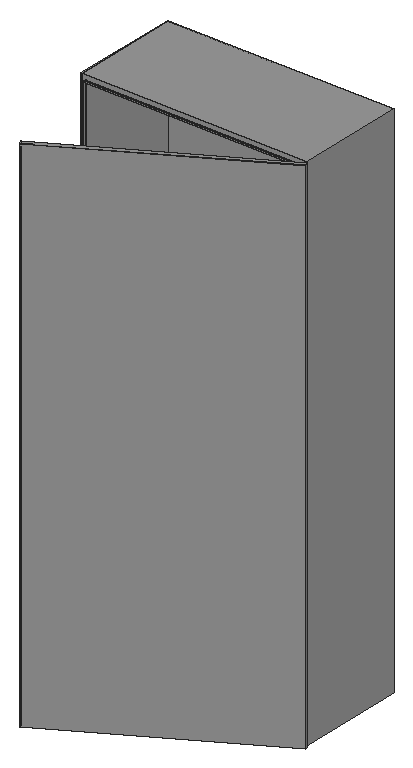
Revit family "Hager-Univers-IP41-D400-H1850-Cl.I-Steel_encl-NoHosted-PL-pl", category Electrical Equipment, Revit 2020
Family settings
  Panel Configuration = Two Columns, Circuits Across
  Round Connector Dimension = Use Diameter
  Part Type = Panelboard
  Work Plane-Based = Yes
  Always vertical = Yes
  Cut with Voids When Loaded = No
  Shared = No
  Room Calculation Point = No
Parameters (values of type "Montaż natynkowy IP41 S800 W1850 G400  - FS23G")
  Width Control [instance] = if([EF000008 - Szerokość] > Min Width, [EF000008 - Szerokość], Min Width)  # 800 mm
  Type Comments = [HG000003 - Zakres]  # "Univers"
  Thickness Door [instance] = if([EF009171 - Drzwi/pokrywa z materiału o wysokiej wytrzymałości mechanicznej] > 3 mm, 3 mm, [EF009171 - Drzwi/pokrywa z materiału o wysokiej wytrzymałości mechanicznej])  # 1.5 mm
  Seal Frame Offset [instance] = 17 mm  # constant formula
  Plinth Visibility [instance] = [HG000027 - Wysokość cokołu] > 0 mm  # no
  Min Width [instance] = 100 mm  # constant formula
  Min Depth [instance] = (2 * [EF009170 - Obudowa z materiału o wysokiej wytrzymałości mechanicznej]) + 1 mm  # 4 mm
  Min Height [instance] = 100 mm  # constant formula
  Internal Frame Depth [instance] = (Door System Depth * 0.5)  # 9 mm
  Panel Name [instance] = ""  # (empty or 0)
  Model = ""
  HG000027 - Wysokość cokołu = 0 mm
  HG000026 - Stojąca = no
  HG000024 - Wysokość części dolnej = 600 mm
  HG000023 - Obudowa dwusekcyjna = no
  HG000016 - Widoczność drzwi w widoku 3D [instance] = yes
  HG000015 - Przestrzeń robocza - otwarcie drzwi [instance] = no
  HG000014 - Drzwi prawe [instance] = yes
  HG000013 - Drzwi lewe [instance] = not([HG000014 - Drzwi prawe])  # no
  HG000012 - Kąt otwarcia drzwi [instance] = 30.00°
  HG000010 - Drzwi asymetryczne = no
  HG000009 - Drzwi dwuskrzydłowe = no
  HG000006 - Montaż podtynkowy = no
  HG000004 - Referencja producenta = "FS23G"
  HG000003 - Zakres = "Univers"
  HG000002 - Z drzwiami lub pokrywą = yes
  Frame Offset Bottom [instance] = 10 mm  # constant formula
  Frame Offset [instance] = 15 mm  # constant formula
  EF015940 - Pokrywa z wyzwalaczem nadciśnieniowym = no
  EF011959 - Stopień ochrony (NEMA) = ""
  EF009554 - Liczba otworów pod flansze = 6
  EF009212 - Wykonanie pokrywy = "EV000116 - Zamknięty"
  EF009171 - Drzwi/pokrywa z materiału o wysokiej wytrzymałości mechanicznej = 1.5 mm
  EF009170 - Obudowa z materiału o wysokiej wytrzymałości mechanicznej = 1.5 mm
  EF008873 - Prąd znamionowy (In) = 800 A
  EF007800 - Do ochrony odgromowej = no
  EF006306 - Z zamkiem = no
  EF006244 - Transparentna pokrywa/drzwi = no
  EF005474 - Stopień ochrony (IP) = "EV006416 - IP41"
  EF004464 - Rodzaj drzwi = "EV002646 - Pojedynczy"
  EF004427 - Liczba modułów = 432
  EF004293 - Odporność udarowa = "EV006813 - IK07"
  EF003532 - Do zastosowań zewnętrznych = no
  EF002950 - Szerokość wyrażona liczbą modułów = 24
  EF001613 - Podtrzymanie funkcji = "EV000494 - Brak"
  EF001596 - Materiał obudowy = "EV000179 - Stal"
  EF001131 - Głębokość wewnętrzna = 400 mm
  EF001088 - Możliwość rozbudowy = yes
  EF000437 - Liczba wejść kablowych = 6
  EF000339 - Rodzaj pokrywy = "EV004216 - Drzwi"
  EF000266 - Liczba rzędów = 12
  EF000218 - Głębokość wbudowania = 0 mm
  EF000118 - Z płytą montażową = no
  EF000116 - Numer RAL = "7035"
  EF000049 - Głębokość = 400 mm
  EF000040 - Wysokość = 1850 mm
  EF000008 - Szerokość = 800 mm
  EF000007 - Kolor = "EV000270 - Szary"
  EF000003 - Sposób montażu = "EV000384 - Montaż natynkowy"
  Door System Leaf Tolerance [instance] = 1.5 mm  # constant formula
  Door System Depth [instance] = 18 mm  # constant formula
  Door Height [instance] = Height Control - [HG000027 - Wysokość cokołu]  # 1850 mm
  Description = ""
  Default Elevation = 1219.2 mm
  Connector Offset [instance] = Height Control / 2  # 925 mm
  Manufacturer = "Hager"  # constant formula
  Height Control [instance] = if([EF000040 - Wysokość] > Min Height, [EF000040 - Wysokość], Min Height)  # 1850 mm
  Depth Control [instance] = if([EF000049 - Głębokość] > Min Depth, [EF000049 - Głębokość], Min Depth)  # 400 mm
  Bottom Top Plate Trim [instance] = 1.5 mm  # constant formula
  Plinth height Ctrl [instance] = if([HG000027 - Wysokość cokołu] > 0 mm, [HG000027 - Wysokość cokołu], 12 mm)  # 12 mm
Types (5, lengths in mm): name | Width Control | HG000009 - Drzwi dwuskrzydłowe | HG000004 - Referencja producenta | EF009554 - Liczba otworów pod flansze | EF004464 - Rodzaj drzwi | EF004427 - Liczba modułów | EF000437 - Liczba wejść kablowych | EF000008 - Szerokość
  Montaż natynkowy IP41 S1050 W1850 G400  - FS24G | 1050 | yes | "FS24G" | 8 | "EV003602 - Podwójny" | 576 | 8 | 1050
  Montaż natynkowy IP41 S1300 W1850 G400  - FS25G | 1300 | yes | "FS25G" | 10 | "EV003602 - Podwójny" | 720 | 10 | 1300
  Montaż natynkowy IP41 S300 W1850 G400  - FS21G | 300 | no | "FS21G" | 2 | "EV002646 - Pojedynczy" | 144 | 2 | 300
  Montaż natynkowy IP41 S550 W1850 G400  - FS22G | 550 | no | "FS22G" | 4 | "EV002646 - Pojedynczy" | 288 | 4 | 550
  Montaż natynkowy IP41 S800 W1850 G400  - FS23G | 800 | no | "FS23G" | 6 | "EV002646 - Pojedynczy" | 432 | 6 | 800
Reference planes
  plane 1 "Center (Front/Back)": y = 0
  plane 2: z = 0
  plane 3 "Center (Left/Right)": x = 0
  plane 4: y = 0
  plane 5: y = 0
  plane 6: z = 0
  plane 7: x = -400
  plane 8: x = 400
  plane 9: x = 398.5
  plane 10: x = -398.5
  plane 11: z = 0
  plane 12: z = 1.5
  plane 13: y = -400
  plane 14: y = -1.5
  plane 15: x = 0
  plane 16: y = -382
  plane 17: y = -398.5
  plane 18: y = -380.5
  plane 19: x = -383.5
  plane 20: x = 383.5
  plane 21: z = 11.5
  plane 22: x = -383
  plane 23: x = 383
  plane 24: z = 0
  plane 25: z = 1850
  plane 26: z = 1850
  plane 27: z = 1833.5
  plane 28: z = 1848.5
Forms (mm)
  Extrusion 1, solid, material "Hager_Steel_RAL7035_Light_Grey", detail levels medium+fine
    sketch origin (-208.679, -4572, 0) x (-1, 0, 0) y (0, -1, 0)
      loop
        line (191.321, -4190) -> (-608.679, -4190) -> (-608.679, -4572) -> (191.321, -4572) -> (191.321, -4190)
    from 0 to 1850
  Extrusion 2, void
    sketch origin (-350.771, -400, 1219.2) x (1, 0, 0) y (0, 0, 1)
      loop
        line (-47.729, 629.3) -> (-47.729, -1217.7) -> (749.271, -1217.7) -> (749.271, 629.3) -> (-47.729, 629.3)
    from -19.5 to -398.5
  Extrusion 3, void
    sketch origin (-290.084, -382, 1219.2) x (1, 0, 0) y (0, 0, 1)
      loop
        line (-93.416, -1207.7) -> (673.584, -1207.7) -> (673.584, 614.3) -> (-93.416, 614.3) -> (-93.416, -1207.7)
    from 0 to -1.5
  Extrusion 4, solid, material "Hager_Steel_RAL7035_Light_Grey", visible <- "Plinth Visibility", detail levels medium+fine
    sketch origin (0, 0, 0) x (1, 0, 0) y (0, 1, 0)
      loop
        line (-400, 0) -> (-400, -382) -> (400, -382) -> (400, 0) -> (-400, 0)
    from 0 to 12 <- "Plinth height Ctrl"
  Extrusion 5, solid, material "Hager_Steel_RAL7035_Light_Grey", detail levels coarse
    sketch origin (0, 0, 0) x (1, 0, 0) y (0, 1, 0)
      loop
        line (-400, 0) -> (-400, -400) -> (400, -400) -> (400, 0) -> (-400, 0)
    from 0 to 1850 <- "Height Control"
  Sweep 6, void
    path in 3D
      loop
        line (-400, -382, 12) -> (400, -382, 12) -> (400, 0, 12) -> (-400, 0, 12) -> (-400, -382, 12)
    profile origin (-400, -191, 12) x (1, 0, 0) y (0, 0, 1)
      loop
        line (0, 0) -> (0, -1.5) -> (1.5, -1.5)
        arc (1.5, -1.5) -> (1.061, -0.439) -> (0, 0) r 1.5
  Extrusion 7, solid, material "Hager_Steel_RAL7035_Light_Grey", detail levels fine
    sketch origin (-400, -382, 0) x (1, 0, 0) y (0, 0, 1)
      loop
        line (16.5, 11.5) -> (783.5, 11.5) -> (783.5, 1833.5) -> (16.5, 1833.5) -> (16.5, 11.5)
      loop
        line (15, 10) -> (785, 10) -> (785, 1835) -> (15, 1835) -> (15, 10)
    from 0 to 9 <- "Internal Frame Depth"
Cuts and joins
  Extrusion 2, Extrusion 3 cuts Extrusion 1
  Sweep 6 cuts Extrusion 4
Lines and regions (mm)
  Masking region 1
    outline origin (0, 0, 0) x (1, 0, 0) y (0, 1, 0)
      loop
        line (-400, 0) -> (-400, -400) -> (400, -400) -> (400, 0) -> (-400, 0)
  Masking region 2, detail levels coarse
    outline origin (-290.084, -382, 1219.2) x (-1, 0, 0) y (0, 0, 1)
      loop
        line (-690.084, -1219.2) -> (109.916, -1219.2) -> (109.916, 630.8) -> (-690.084, 630.8) -> (-690.084, -1219.2)
  Masking region 3, detail levels coarse
    outline origin (0, 0, 0) x (0, 1, 0) y (0, 0, 1)
      loop
        line (0, 0) -> (0, 1850) -> (-400, 1850) -> (-400, 0) -> (0, 0)
  Masking region 4, visible <- "Plinth Visibility", detail levels medium+fine
    outline origin (0, 0, 0) x (0, 1, 0) y (0, 0, 1)
      loop
        line (-1.5, 12) -> (-380.5, 12)
        arc (-380.5, 12) -> (-380.939, 10.939) -> (-382, 10.5) r 1.5
        line (-382, 10.5) -> (-382, 0) -> (0, 0) -> (0, 10.5)
        arc (0, 10.5) -> (-1.061, 10.939) -> (-1.5, 12) r 1.5
  Masking region 5, detail levels medium+fine
    outline origin (0, 0, 594.038) x (0, 1, 0) y (0, 0, 1)
      loop
        line (0, -594.038) -> (0, 1255.962) -> (-382, 1255.962) -> (-382, -594.038) -> (0, -594.038)
  Masking region 6, detail levels medium+fine
    outline origin (-359.7, -382, 1211.883) x (-1, 0, 0) y (0, 0, 1)
      loop
        line (-759.7, -1211.883) -> (40.3, -1211.883) -> (40.3, 638.117) -> (-759.7, 638.117) -> (-759.7, -1211.883)
  Masking region 7, visible <- "Plinth Visibility", detail levels medium+fine
    outline origin (-320.334, -382, 1041.368) x (-1, 0, 0) y (0, 0, 1)
      loop
        line (-720.334, -1041.368) -> (79.666, -1041.368) -> (79.666, -1030.868)
        arc (79.666, -1030.868) -> (78.606, -1030.429) -> (78.166, -1029.368) r 1.5
        line (78.166, -1029.368) -> (-718.834, -1029.368)
        arc (-718.834, -1029.368) -> (-719.273, -1030.429) -> (-720.334, -1030.868) r 1.5
        line (-720.334, -1030.868) -> (-720.334, -1041.368)
  sketch lines
    curve 1: line (-400, 0, 12) -> (-400, -382, 12)
    curve 2: line (-400, -382, 12) -> (400, -382, 12)
    curve 3: line (400, 0, 12) -> (-400, 0, 12)
    curve 4: line (400, -382, 12) -> (400, 0, 12)
Dimensions and locks
  locked: plane 1 "Center (Front/Back)" to plane 5
  "EF009170 - Obudowa z materiału o wysokiej wytrzymałości mechanicznej": plane 7 to plane 10
  "EF009170 - Obudowa z materiału o wysokiej wytrzymałości mechanicznej": plane 8 to plane 9
  equal spacing: plane 7, plane 3 "Center (Left/Right)", plane 8
  "Width Control": plane 7 to plane 8
  "Depth Control": plane 4 to plane 13
  "EF009170 - Obudowa z materiału o wysokiej wytrzymałości mechanicznej": plane 4 to plane 14
  "Height Control": plane 25 to level
  "HG000027 - Wysokość cokołu": plane 11 to level
  "EF009170 - Obudowa z materiału o wysokiej wytrzymałości mechanicznej": plane 12 to plane 11
  "EF009170 - Obudowa z materiału o wysokiej wytrzymałości mechanicznej": plane 17 to plane 13
  "EF009170 - Obudowa z materiału o wysokiej wytrzymałości mechanicznej": plane 18 to plane 16
  "Frame Offset Bottom": plane 21 to plane 12
  "Frame Offset": plane 10 to plane 19
  "Frame Offset": plane 9 to plane 20
  "Door System Depth": plane 16 to plane 13
  "Seal Frame Offset": plane 7 to plane 22
  "Seal Frame Offset": plane 8 to plane 23
  "EF009170 - Obudowa z materiału o wysokiej wytrzymałości mechanicznej": plane 26 to plane 28
  "Frame Offset": plane 28 to plane 27
  "Connector Offset": plane 2 to connector elem
  "Bottom Top Plate Trim": profile plane to Sweep 6 sketch curve
  "Bottom Top Plate Trim": Sweep 6 sketch curve to Sweep 6 sketch curve
  "Plinth height Ctrl": Masking region 4 sketch curve to level
  "Plinth height Ctrl": Masking region 7 sketch curve to level
  "Thickness Door": Extrusion 7 sketch curve to Extrusion 7 sketch curve  (x4)
  "Bottom Top Plate Trim": radius of Sweep 6 sketch curve
  "Bottom Top Plate Trim": radius of Masking region 4 sketch curve  (x2)
  "Bottom Top Plate Trim": radius of Masking region 7 sketch curve  (x2)
  aligned and locked: Extrusion 2 sketch curve to plane 12
  aligned and locked: Extrusion 2 sketch curve to plane 9
  aligned and locked: Extrusion 2 sketch curve to plane 10
  aligned and locked: Extrusion 2 to plane 14
  aligned and locked: Extrusion 1 sketch curve to plane 4
  aligned and locked: plane 8 to Extrusion 1 sketch curve
  aligned and locked: plane 7 to Extrusion 1 sketch curve
  aligned and locked: Extrusion 2 to plane 18
  aligned and locked: Extrusion 3 sketch curve to plane 19
  aligned and locked: plane 20 to Extrusion 3 sketch curve
  aligned and locked: Extrusion 3 to Extrusion 2
  aligned and locked: Extrusion 3 sketch curve to plane 21
  aligned and locked: plane 3 "Center (Left/Right)" to nested 1
  aligned and locked: Extrusion 1 sketch curve to plane 16
  aligned and locked: Extrusion 4 sketch curve to cut or joined group of Extrusion 1, Extrusion 2, Extrusion 3
  aligned and locked: Masking region 1 sketch curve to plane 7
  aligned and locked: Masking region 1 sketch curve to plane 5
  aligned and locked: Masking region 1 sketch curve to plane 8
  aligned and locked: Masking region 2 sketch curve to level
  aligned and locked: level to Masking region 3 sketch curve
  aligned and locked: plane 1 "Center (Front/Back)" to Masking region 3 sketch curve
  aligned and locked: plane 13 to Masking region 3 sketch curve
  aligned and locked: plane 5 to Masking region 4 sketch curve
  aligned and locked: Masking region 2 sketch curve to plane 8
  aligned and locked: Masking region 2 sketch curve to plane 7
  aligned and locked: plane 7 to nested 2
  aligned and locked: nested 2 to plane 5
  aligned and locked: plane 5 to Masking region 5 sketch curve
  aligned and locked: plane 26 to Masking region 5 sketch curve
  aligned and locked: Extrusion 5 sketch curve to plane 8
  aligned and locked: Extrusion 5 sketch curve to plane 7
  aligned and locked: Extrusion 5 sketch curve to plane 5
  aligned and locked: Extrusion 3 sketch curve to plane 27
  aligned and locked: Extrusion 2 sketch curve to plane 28
  aligned and locked: Masking region 2 to plane 25
  aligned and locked: Extrusion 4 to plane 16
  aligned and locked: profile plane to Sweep 6 sketch curve
  aligned and locked: Masking region 5 sketch curve to plane 24
  aligned and locked: level to Masking region 4 sketch curve
  aligned and locked: Masking region 1 to plane 13
  aligned and locked: nested 1 to plane 16
  aligned and locked: Masking region 3 to plane 25
  aligned and locked: plane 16 to Masking region 4 sketch curve
  aligned and locked: Masking region 5 sketch curve to plane 16
  aligned and locked: plane 24 to plane 11
  aligned and locked: plane 26 to plane 25
  aligned and locked: plane 26 to cut or joined group of Extrusion 1, Extrusion 2, Extrusion 3
  aligned and locked: nested 1 to plane 24
  aligned and locked: Extrusion 1 to Extrusion 3
  aligned and locked: Masking region 6 sketch curve to plane 8
  aligned and locked: Masking region 6 sketch curve to plane 24
  aligned and locked: Masking region 6 sketch curve to plane 7
  aligned and locked: Masking region 6 sketch curve to plane 26
  aligned and locked: Masking region 7 sketch curve to plane 7
  aligned and locked: level to Masking region 7 sketch curve
  aligned and locked: Masking region 7 sketch curve to plane 8
  aligned and locked: Extrusion 7 sketch curve to cut or joined group of Extrusion 1, Extrusion 2, Extrusion 3  (x4)
Automatic sketch dimensions
  plane 19 to Extrusion 3 sketch curve = 0 mm
  Extrusion 3 sketch curve to plane 20 = 0 mm
  Extrusion 3 sketch curve to plane 21 = 0 mm
  Extrusion 4 sketch curve to plane 7 = 0 mm
  Extrusion 4 sketch curve to plane 8 = 0 mm
  Extrusion 4 sketch curve to plane 16 = 0 mm
  Masking region 1 sketch curve to plane 13 = 0 mm
  Masking region 2 sketch curve to plane 25 = 0 mm
  Masking region 3 sketch curve to plane 25 = 0 mm
  Extrusion 5 sketch curve to plane 13 = 0 mm
  profile plane to Sweep 6 sketch curve = 0 mm
Nested families
  nested 1: "EC000058_Univers_Door" at (0, -382, 0), Double <- "HG000009 - Drzwi dwuskrzydłowe", Transparent <- "EF006244 - Transparentna pokrywa/drzwi", Angle <- "HG000012 - Kąt otwarcia drzwi", Door_Right <- "HG000014 - Drzwi prawe", Assymetrical <- "HG000010 - Drzwi asymetryczne", Door <- "HG000002 - Z drzwiami lub pokrywą", Width_Ctrl <- "Width Control", 3d_Door <- "HG000016 - Widoczność drzwi w widoku 3D", Clearance <- "HG000015 - Przestrzeń robocza - otwarcie drzwi", Door_Left <- "HG000013 - Drzwi lewe", Width <- "Width Control", Door_Depth <- "Door System Depth", Leaf_Tolerance <- "Door System Leaf Tolerance", Height <- "Door Height", Lock_Visibility <- "EF006306 - Z zamkiem", Thickness <- "Thickness Door", type "EC000058_Univers_Door", detail levels medium+fine
    with min_wh 4 mm, Width_Ctrl 800 mm, Width 800 mm, Transparent no, Thickness 1.5 mm, Seal_Material Hager_Rubber, Lock_Visibility no, Lock_Material Hager_Plastic_RAL9005_Jet_Black, Leaf_Width 800 mm, Leaf_Tolerance_External_Sides 0 mm, Leaf_Tolerance 1.5 mm, Leaf_Offset 0 mm, Leaf_Height 1847 mm, Leaf_2_Width 800 mm, Leaf_2_Offset 400 mm, Leaf_1_Width 800 mm, Leaf_1_Offset 400 mm, Height_Ctrl 1850 mm, Height 1850 mm, Glass_Material Hager_Glass, Double_Clearance_Ctrl no, Double no, Door_Right_Ctrl yes, Door_Right yes, Door_Material Hager_Steel_RAL7035_Light_Grey, Door_Left_Ctrl no, Door_Left no, Door_Depth 18 mm, Door yes, Clearance_Material Hager_Clearance, Clearance_Depth 800 mm, Clearance_Ctrl no, Clearance no, Assymetrical no, Angle 30.00°, 3d_Door yes
  nested 2: "Hager_Enclosure_Symbol" at (-400, 0, 0), Height <- "Depth Control", Width <- "Width Control", type "Hager_Enclosure_Symbol"
    with Width_Ctrl 800 mm, Width 800 mm, Height_Ctrl 400 mm, Height 400 mm, A_Width_Int 26.25 mm, A_Width 315 mm, A_Height_Ctrl 350 mm, A_Height 350 mm
Connectors
  electrical at (0, 0, 925)
    settings: on plane 1 "Center (Front/Back)", index 1, voltage 0 V, apparent load 0 VA, apparent load phase1 0 VA, apparent load phase2 0 VA, apparent load phase3 0 VA, power factor 1, load classification "Other", number of poles 1, system type 30, power factor state 1, is connector primary yes, connector utility no, sub classification motor no, connector description ""
Definition of nested family "EC000058_Univers_Door"
  Parameters (values of type "EC000058_Univers_Door")
    min_wh [instance] = (2 * Thickness) + 1 mm  # 11 mm
    Width_Ctrl [instance] = 400 mm
    Width [instance] = 500 mm
    Transparent [instance] = yes
    Thickness [instance] = 5 mm
    Seal_Material [instance] = none
    Lock_Visibility [instance] = yes
    Lock_Material [instance] = none
    Leaf_Width [instance] = if((Width_Ctrl - 2 * Leaf_Tolerance_External_Sides) > 0 mm, (Width_Ctrl - 2 * Leaf_Tolerance_External_Sides), min_wh)  # 400 mm
    Leaf_Tolerance_External_Sides [instance] = 0 mm  # constant formula
    Leaf_Tolerance [instance] = 1.5 mm
    Leaf_Offset [instance] = 0 mm  # constant formula
    Leaf_Height [instance] = if((Height_Ctrl - 2 * Leaf_Tolerance) > 0 mm, (Height_Ctrl - 2 * Leaf_Tolerance), min_wh)  # 497 mm
    Leaf_2_Width [instance] = if(and(and(Double, Assymetrical), Door_Left), (Leaf_Width / 3) - (Leaf_Tolerance / 2), if(and(and(Double, Assymetrical), Door_Right), (Leaf_Width / 3) * 2 - (Leaf_Tolerance / 2), if(and(Double, not(Assymetrical)), (Leaf_Width / 2) - Leaf_Tolerance, Leaf_Width)))  # 400 mm
    Leaf_2_Offset [instance] = if(and(Double, Assymetrical), Leaf_2_Width / 2, if(and(Double, not(Assymetrical)), Leaf_Width / 4, Leaf_Width / 2))  # 200 mm
    Leaf_1_Width [instance] = if(and(and(Double, Assymetrical), Door_Right), (Leaf_Width / 3) - (Leaf_Tolerance / 2), if(and(and(Double, Assymetrical), Door_Left), (Width / 3) * 2 - (Leaf_Tolerance / 2), if(and(Double, not(Assymetrical)), (Leaf_Width / 2) - Leaf_Tolerance, Leaf_Width)))  # 400 mm
    Leaf_1_Offset [instance] = if(and(Double, Assymetrical), Leaf_1_Width / 2, if(and(Double, not(Assymetrical)), Leaf_Width / 4, Leaf_Width / 2))  # 200 mm
    Height_Ctrl [instance] = if(Height > min_wh, Height, min_wh)  # 500 mm
    Height [instance] = 500 mm
    Glass_Material [instance] = none
    Double_Clearance_Ctrl [instance] = and(Double, Clearance)  # no
    Double [instance] = no
    Door_Right_Ctrl [instance] = and(or(Door_Right, Double), Door)  # yes
    Door_Right [instance] = yes
    Door_Material [instance] = none
    Door_Left_Ctrl [instance] = and(or(Door_Left, Double), Door)  # no
    Door_Left [instance] = no
    Door_Depth [instance] = 30 mm
    Door [instance] = yes
    Default Elevation = 1219.2 mm
    Clearance_Material [instance] = none
    Clearance_Depth [instance] = if(Leaf_1_Width > Leaf_2_Width, Leaf_1_Width, Leaf_2_Width)  # 400 mm
    Clearance_Ctrl [instance] = and(not(Double), Clearance)  # yes
    Clearance [instance] = yes
    Assymetrical [instance] = yes
    Angle [instance] = 30.00°
    3d_Door [instance] = yes
  Reference planes
    plane 1 "Center (Front/Back)": y = 0
    plane 2 "Bottom": z = 0
    plane 3 "Center (Left/Right)": x = 0
    plane 4: z = 500
    plane 5: x = -200
    plane 6: x = 200
    plane 7: z = 500
    plane 8: x = -200
    plane 9: z = 0
    plane 10: x = 200
    plane 11: y = 0
    plane 12: z = 1.5
    plane 13: x = -600
    plane 14: y = -400
    plane 15: x = 600
    plane 16: x = 0
    plane 17: x = 0
    plane 18: x = -200
    plane 19: x = 200
    plane 20: z = 498.5
  Forms (mm)
    Extrusion 1, solid, material <- "Clearance_Material", visible <- "Double_Clearance_Ctrl"
      sketch origin (1200, 0, 0) x (1, 0, 0) y (0, 0, -1)
        loop
          line (-1800, -498.5) -> (-600, -498.5) -> (-600, 0) -> (-1800, 0) -> (-1800, -498.5)
      from 0 to -400
  Dimensions and locks
    equal spacing: plane 5, plane 3 "Center (Left/Right)", plane 6
    "Width_Ctrl": plane 5 to plane 6
    "Leaf_Offset": plane 5 to plane 8
    "Leaf_Offset": plane 6 to plane 10
    "Leaf_Offset": plane 9 to level
    "Leaf_Offset": plane 4 to plane 7
    "Height_Ctrl": plane 4 to level
    "Leaf_Tolerance": plane 12 to plane 9
    locked: plane 11 to plane 1 "Center (Front/Back)"
    "Leaf_1_Offset": plane 18 to plane 16
    "Leaf_2_Offset": plane 17 to plane 19
    "Leaf_1_Width": plane 13 to plane 8
    "Leaf_2_Width": plane 10 to plane 15
    "Clearance_Depth": plane 14 to plane 1 "Center (Front/Back)"
    "Leaf_Tolerance_External_Sides": plane 8 to plane 18
    "Leaf_Tolerance_External_Sides": plane 19 to plane 10
    "Leaf_Tolerance": plane 7 to plane 20
    aligned and locked: level to plane 2 "Bottom"
    aligned and locked: nested 1 to plane 16
    aligned and locked: nested 2 to plane 17
    aligned and locked: Extrusion 1 to plane 13
    aligned and locked: plane 15 to Extrusion 1
    aligned and locked: Extrusion 1 to plane 14
    aligned and locked: plane 12 to nested 1
    aligned and locked: nested 2 to plane 12
    aligned and locked: Extrusion 1 to plane 11
    aligned and locked: plane 20 to Extrusion 1
    aligned and locked: nested 2 to plane 11
    aligned and locked: nested 1 to plane 11
  Automatic sketch dimensions
    Extrusion 1 sketch curve to level = 0 mm
    plane 5 to Extrusion 1 sketch curve = 400 mm
    plane 6 to Extrusion 1 sketch curve = 400 mm
    Extrusion 1 sketch curve to plane 4 = 1.5 mm
  Nested families
    nested 1: "EC000058_Univers_Door_Leaf" at (0, 0, 1.5), Width <- "Leaf_1_Width", visible <- "Door_Left_Ctrl", Leaf_Height <- "Leaf_Height", Angle <- "Angle", 3d_Door <- "3d_Door", Transparent <- "Transparent", Clearance Material <- "Clearance_Material", Clearance <- "Clearance_Ctrl", Door_Material <- "Door_Material", Glass_Material <- "Glass_Material", Door_Depth <- "Door_Depth", Lock_Material <- "Lock_Material", Seal_Material <- "Seal_Material", Lock_Visibility <- "Lock_Visibility", Thickness <- "Thickness", type "EC000058_Univers_Door_Leaf"
      with Width 400 mm, Transparent_Glass_Offset 30 mm, Transparent_Ctrl yes, Transparent yes, Thickness 5 mm, Standard no, Seal_Material none, Seal_D2 8 mm, Seal_D1 1 mm, Offset_Internal_Frame 10 mm, Lock_Width 20 mm, Lock_Visibility_3d yes, Lock_Visibility yes, Lock_Thickness_3 3 mm, Lock_Thickness_2 1 mm, Lock_Thickness_1 3 mm, Lock_Radius_Offset_2 16 mm, Lock_Radius_Offset_1 15 mm, Lock_Radius_2 5 mm, Lock_Radius 6 mm, Lock_Offset 5 mm, Lock_Material none, Lock_Height 80 mm, Lock_Cover_Top_Offset_2d 17 mm, Lock_Cover_Height -65 mm, Leaf_Height 497 mm, Internal_Seal_Thickness 8 mm, Internal_Seal_Depth_2 4.5 mm, Internal_Frame_Depth 25 mm, Glass_Thickness -1 mm, Glass_Offset -2 mm, Glass_Material none, Door_Material none, Door_Depth 30 mm, Clearance Material none, Clearance yes, Angle_Ctrl 30.00°, Angle 30.00°, 3d_Door yes
    nested 2: "EC000058_Univers_Door_Leaf" at (0, 0, 1.5) x (-1, 0, 0) z (0, 0, 1), Width <- "Leaf_2_Width", visible <- "Door_Right_Ctrl", Leaf_Height <- "Leaf_Height", Angle <- "Angle", 3d_Door <- "3d_Door", Transparent <- "Transparent", Clearance Material <- "Clearance_Material", Clearance <- "Clearance_Ctrl", Door_Material <- "Door_Material", Glass_Material <- "Glass_Material", Door_Depth <- "Door_Depth", Lock_Material <- "Lock_Material", Seal_Material <- "Seal_Material", Lock_Visibility <- "Lock_Visibility", Thickness <- "Thickness", type "EC000058_Univers_Door_Leaf"
      with Width 400 mm, Transparent_Glass_Offset 30 mm, Transparent_Ctrl yes, Transparent yes, Thickness 5 mm, Standard no, Seal_Material none, Seal_D2 8 mm, Seal_D1 1 mm, Offset_Internal_Frame 10 mm, Lock_Width 20 mm, Lock_Visibility_3d yes, Lock_Visibility yes, Lock_Thickness_3 3 mm, Lock_Thickness_2 1 mm, Lock_Thickness_1 3 mm, Lock_Radius_Offset_2 16 mm, Lock_Radius_Offset_1 15 mm, Lock_Radius_2 5 mm, Lock_Radius 6 mm, Lock_Offset 5 mm, Lock_Material none, Lock_Height 80 mm, Lock_Cover_Top_Offset_2d 17 mm, Lock_Cover_Height -65 mm, Leaf_Height 497 mm, Internal_Seal_Thickness 8 mm, Internal_Seal_Depth_2 4.5 mm, Internal_Frame_Depth 25 mm, Glass_Thickness -1 mm, Glass_Offset -2 mm, Glass_Material none, Door_Material none, Door_Depth 30 mm, Clearance Material none, Clearance yes, Angle_Ctrl 30.00°, Angle 30.00°, 3d_Door yes
  Definition of nested family "EC000058_Univers_Door_Leaf"
    Parameters (values of type "EC000058_Univers_Door_Leaf")
      Width [instance] = 2000 mm
      Transparent_Glass_Offset [instance] = 30 mm
      Transparent_Ctrl [instance] = and(Transparent, [3d_Door])  # yes
      Transparent [instance] = yes
      Thickness [instance] = 5 mm
      Standard [instance] = and(not(Transparent), [3d_Door])  # no
      Seal_Material [instance] = none
      Seal_D2 [instance] = 8 mm  # constant formula
      Seal_D1 [instance] = 1 mm  # constant formula
      Offset_Internal_Frame [instance] = 10 mm  # constant formula
      Lock_Width [instance] = 20 mm  # constant formula
      Lock_Visibility_3d [instance] = and(Lock_Visibility, [3d_Door])  # yes
      Lock_Visibility [instance] = yes
      Lock_Thickness_3 [instance] = 3 mm  # constant formula
      Lock_Thickness_2 [instance] = 1 mm  # constant formula
      Lock_Thickness_1 [instance] = 3 mm  # constant formula
      Lock_Radius_Offset_2 [instance] = Lock_Radius_Offset_1 + 1 mm  # 16 mm
      Lock_Radius_Offset_1 [instance] = 15 mm  # constant formula
      Lock_Radius_2 [instance] = Lock_Radius - 1 mm  # 5 mm
      Lock_Radius [instance] = 6 mm  # constant formula
      Lock_Offset [instance] = 5 mm  # constant formula
      Lock_Material [instance] = none
      Lock_Height [instance] = 80 mm  # constant formula
      Lock_Cover_Top_Offset_2d [instance] = Lock_Radius_Offset_2 + 1 mm  # 17 mm
      Lock_Cover_Height [instance] = -(Lock_Height - Lock_Radius_Offset_1)  # -65 mm
      Leaf_Height [instance] = 2720.336 mm
      Internal_Seal_Thickness [instance] = 8 mm  # constant formula
      Internal_Seal_Depth_2 [instance] = 4.5 mm  # constant formula
      Internal_Frame_Depth [instance] = if(Door_Depth - Thickness > 5 mm, Door_Depth - Thickness, 5 mm)  # 25 mm
      Glass_Thickness [instance] = if(Thickness > 15 mm, Glass_Offset + 10 mm, -1 mm)  # -1 mm
      Glass_Offset [instance] = if(Thickness > 15 mm, -(Thickness + 10 mm) / 2, -2 mm)  # -2 mm
      Glass_Material [instance] = none
      Door_Material [instance] = none
      Door_Depth [instance] = 30 mm
      Default Elevation = 0 mm
      Clearance Material [instance] = none
      Clearance [instance] = yes
      Angle_Ctrl [instance] = if(Angle > 180.00°, 180.00°, Angle)  # 90.00°
      Angle [instance] = 90.00°
      3d_Door [instance] = yes
    Reference planes
      plane 1 "Center (Front/Back)": y = 0
      plane 2: z = 0
      plane 3 "Center (Left/Right)": x = 0
      plane 4: y = 2000
      plane 5: x = -1000
      plane 6: x = 1000
      plane 7: x = -3000
      plane 8: z = 2720.336
      plane 9: z = 30
      plane 10: z = 2690.336
      plane 11: x = 970
      plane 12: x = -970
      plane 13: y = -3
      plane 14: z = 107.833
      plane 15: y = -5
      plane 16: y = -223.314
      plane 17: x = -1000
      plane 18: z = 1360.168
      plane 19: y = 30
    Forms (mm)
      Extrusion 1, solid, material <- "Clearance Material", visible <- "Clearance"
        sketch origin (0, 0, 0) x (1, 0, 0) y (0, 0, 1)
          loop
            line (-3000, 2720.336) -> (-3000, 0) -> (1000, 0) -> (1000, 2720.336) -> (-3000, 2720.336)
        from 0 to -2000
      Extrusion 2, solid, material <- "Door_Material", visible <- "Standard", detail levels medium+fine
        sketch origin (-1000, 0, 0) x (0, 1, 0) y (-1, 0, 0)
          loop
            line (0, 30) -> (0, 25) -> (2000, 25) -> (2000, 30) -> (0, 30)
        from 0 to 2720.336 <- "Leaf_Height"
      Extrusion 3, solid, material <- "Door_Material", visible <- "Transparent_Ctrl", detail levels medium+fine
        sketch origin (-1000, 0, 0) x (0, 1, 0) y (-1, 0, 0)
          loop
            line (0, 25) -> (2000, 25) -> (2000, 30) -> (0, 30) -> (0, 25)
        from 0 to 2720.336 <- "Leaf_Height"
      Extrusion 4, void
        sketch origin (-1025, 2000, 0) x (0, 1, 0) y (0, 0, -1)
          loop
            line (-30, -2690.336) -> (-30, -30) -> (-1970, -30) -> (-1970, -2690.336) -> (-30, -2690.336)
        from 0 to 5 <- "Thickness"
      Sweep 5, solid, material <- "Seal_Material", visible <- "Transparent_Ctrl", detail levels fine
        path in 3D
          loop
            line (-1025, 30, 30) -> (-1025, 30, 2690.336) -> (-1025, 1970, 2690.336) -> (-1025, 1970, 30) -> (-1025, 30, 30)
        profile origin (-1025, 1000, 30) x (1, 0, 0) y (0, 0, 1)
          loop
            line (0, 0) -> (0, -8) -> (1, -8) -> (1, 0) -> (0, 0)
      Extrusion 6, solid, material <- "Glass_Material", visible <- "Transparent_Ctrl", detail levels medium+fine
        sketch origin (-1030, 0, 0) x (0, 1, 0) y (0, 0, -1)
          loop
            line (1970, -2690.336) -> (1970, -30) -> (30, -30) -> (30, -2690.336) -> (1970, -2690.336)
        from -2 <- "Glass_Offset" to -1 <- "Glass_Thickness"
      Extrusion 7, solid, material <- "Door_Material", visible <- "3d_Door", detail levels medium+fine
        sketch origin (-1025, 2000, 0) x (0, -1, 0) y (0, 0, -1)
          loop
            line (0, -2720.336) -> (2000, -2720.336) -> (2000, 0) -> (0, 0) -> (0, -2720.336)
          loop
            line (1995, -5) -> (5, -5) -> (5, -2715.336) -> (1995, -2715.336) -> (1995, -5)
        from 0 to 25 <- "Internal_Frame_Depth"
      Sweep 8, solid, material <- "Seal_Material", visible <- "Transparent_Ctrl", detail levels fine
        path in 3D
          loop
            line (-1025, 0, 0) -> (-1025, 2000, 0) -> (-1025, 2000, 2720.336) -> (-1025, 0, 2720.336) -> (-1025, 0, 0)
        profile origin (-1025, 0, 1360.168) x (1, 0, 0) y (0, 1, 0)
          loop
            line (0, 10) -> (2.975, 10)
            arc (2.975, 10) -> (4.053, 10.447) -> (4.5, 11.525) r 1.525
            line (4.5, 11.525) -> (4.5, 16.527)
            arc (4.5, 16.527) -> (4.069, 17.569) -> (3.027, 18) r 1.473
            line (3.027, 18) -> (0, 18) -> (0, 10)
      Extrusion 9, solid, material <- "Lock_Material", visible <- "Lock_Visibility_3d", detail levels fine
        sketch origin (-1030, 0, 0) x (0, 1, 0) y (0, 0, -1)
          loop
            arc (1993.5, -1400.168) -> (1994.561, -1399.729) -> (1995, -1398.668) r 1.5
            line (1995, -1398.668) -> (1995, -1320.168) -> (1975, -1320.168) -> (1975, -1398.668)
            arc (1975, -1398.668) -> (1975.439, -1399.729) -> (1976.5, -1400.168) r 1.5
            line (1976.5, -1400.168) -> (1993.5, -1400.168)
        from 3 <- "Lock_Thickness_1" to 0
      Blend 10, solid, material <- "Lock_Material", visible <- "Lock_Visibility_3d", detail levels fine
        base sketch origin (-1033, 0, 0) x (0, 1, 0) y (0, 0, -1)
          loop
            line (1975, -1320.168) -> (1975, -1398.668)
            arc (1975, -1398.668) -> (1975.439, -1399.729) -> (1976.5, -1400.168) r 1.5
            line (1976.5, -1400.168) -> (1993.5, -1400.168)
            arc (1993.5, -1400.168) -> (1994.561, -1399.729) -> (1995, -1398.668) r 1.5
            line (1995, -1398.668) -> (1995, -1320.168) -> (1975, -1320.168)
        top sketch origin (-1033, 0, 0) x (0, 1, 0) y (0, 0, -1)
          loop
            line (1976, -1320.168) -> (1976, -1398.668)
            arc (1976, -1398.668) -> (1976.146, -1399.022) -> (1976.5, -1399.168) r 0.5
            line (1976.5, -1399.168) -> (1993.5, -1399.168)
            arc (1993.5, -1399.168) -> (1993.854, -1399.022) -> (1994, -1398.668) r 0.5
            line (1994, -1398.668) -> (1994, -1320.168) -> (1976, -1320.168)
        from 0 to 1 <- "Lock_Thickness_2"
      Blend 11, solid, material <- "Lock_Material", visible <- "Lock_Visibility_3d", detail levels fine
        base sketch origin (-1034, 0, 0) x (0, 1, 0) y (0, 0, -1)
          loop
            line (1978, -1320.168) -> (1978, -1384.168)
            arc (1978, -1384.168) -> (1985, -1391.168) -> (1992, -1384.168) r 7
            line (1992, -1384.168) -> (1992, -1320.168) -> (1978, -1320.168)
        top sketch origin (-1034, 0, 0) x (0, 1, 0) y (0, 0, -1)
          loop
            line (1991, -1320.168) -> (1979, -1320.168) -> (1979, -1383.168)
            arc (1979, -1383.168) -> (1985, -1389.168) -> (1991, -1383.168) r 6
            line (1991, -1383.168) -> (1991, -1320.168)
        from 0 to 3 <- "Lock_Thickness_3"
      Extrusion 12, solid, material <- "Lock_Material", visible <- "Lock_Visibility_3d", detail levels fine
        sketch origin (-1030, 1975, 1320.168) x (1, 0, 0) y (0, -1, 0)
          loop
            line (-7, -19) -> (-7, -1) -> (0, -1) -> (0, 0) -> (-8, 0) -> (-8, -20) -> (0, -20) -> (0, -19) -> (-7, -19)
        from 0 to -65 <- "Lock_Cover_Height"
      Extrusion 13, void
        sketch origin (-1038, 1995, 1320.168) x (-1, 0, 0) y (0, 0, -1)
          loop
            line (-5, -65) -> (0, -65) -> (-5, -60) -> (-5, -65)
        from 0 to 20 <- "Lock_Width"
      Extrusion 14, void
        sketch origin (-1038, 1975, 1320.168) x (0, -1, 0) y (0, 0, -1)
          loop
            circle (-10, -15.995) r 6
          loop
            circle (-10, -15.995) r 5
        from 0 to 2
      Extrusion 15, solid, material <- "Lock_Material", visible <- "Lock_Visibility_3d", detail levels medium
        sketch origin (-1030, 0, 0) x (0, 1, 0) y (0, 0, -1)
          loop
            arc (1993.5, -1400.168) -> (1994.561, -1399.729) -> (1995, -1398.668) r 1.5
            line (1995, -1398.668) -> (1995, -1320.168) -> (1975, -1320.168) -> (1975, -1398.668)
            arc (1975, -1398.668) -> (1975.439, -1399.729) -> (1976.5, -1400.168) r 1.5
            line (1976.5, -1400.168) -> (1993.5, -1400.168)
        from 8 to 0
    Cuts and joins
      Extrusion 4 cuts Extrusion 3
      Extrusion 13, Extrusion 14 cuts Extrusion 9
      Extrusion 14 cuts Blend 11
      Extrusion 13, Extrusion 14 cuts Extrusion 12
      joined: Extrusion 9, Blend 10, Blend 11, Extrusion 12
      Extrusion 14 cuts Extrusion 15
    Lines and regions (mm)
      Masking region 1, visible <- "Lock_Visibility", detail levels fine
        outline origin (0, 0, 0) x (0, 1, 0) y (0, 0, 1)
          loop
            line (30, 1320.168) -> (33, 1320.168) -> (33, 1400.168) -> (30, 1400.168) -> (30, 1320.168)
      Masking region 2, visible <- "Lock_Visibility", detail levels fine
        outline origin (0, 3.143, 0) x (0, 1, 0) y (0, 0, 1)
          loop
            line (29.857, 1354.168) -> (30.857, 1354.168) -> (30.857, 1366.168) -> (29.857, 1366.168) -> (29.857, 1354.168)
      Masking region 3, detail levels medium+fine
        outline origin (0, 0, 0) x (0, 1, 0) y (0, 0, 1)
          loop
            line (0, 0) -> (30, 0) -> (30, 2720.336) -> (0, 2720.336) -> (0, 0)
      Masking region 4, detail levels medium+fine
        outline origin (0, 0, 0) x (1, 0, 0) y (0, 0, 1)
          loop
            line (-1000, 2720.336) -> (-1000, 0) -> (1000, 0) -> (1000, 2720.336) -> (-1000, 2720.336)
      Masking region 5, visible <- "Lock_Visibility", detail levels fine
        outline origin (-47.116, 0, 0) x (1, 0, 0) y (0, 0, 1)
          loop
            arc (1024.616, 1399.168) -> (1023.556, 1398.729) -> (1023.116, 1397.668) r 1.5
            line (1023.116, 1397.668) -> (1023.116, 1320.168) -> (1041.116, 1320.168) -> (1041.116, 1397.668)
            arc (1041.116, 1397.668) -> (1040.677, 1398.729) -> (1039.616, 1399.168) r 1.5
            line (1039.616, 1399.168) -> (1024.616, 1399.168)
      Masking region 6, visible <- "Lock_Visibility", detail levels medium+fine
        outline origin (-25, 0, 0) x (1, 0, 0) y (0, 0, 1)
          loop
            arc (1001.5, 1400.168) -> (1000.439, 1399.729) -> (1000, 1398.668) r 1.5
            line (1000, 1398.668) -> (1000, 1320.168) -> (1020, 1320.168) -> (1020, 1398.668)
            arc (1020, 1398.668) -> (1019.561, 1399.729) -> (1018.5, 1400.168) r 1.5
            line (1018.5, 1400.168) -> (1001.5, 1400.168)
      Masking region 7, visible <- "Lock_Visibility", detail levels fine
        outline origin (-73.735, 0, 0) x (1, 0, 0) y (0, 0, 1)
          loop
            line (1051.735, 1382.168) -> (1065.735, 1382.168) -> (1065.735, 1384.168)
            arc (1065.735, 1384.168) -> (1058.735, 1391.168) -> (1051.735, 1384.168) r 7
            line (1051.735, 1384.168) -> (1051.735, 1382.168)
      Masking region 8, visible <- "Lock_Visibility", detail levels fine
        outline origin (-73.735, 0, 0) x (1, 0, 0) y (0, 0, 1)
          loop
            line (1052.735, 1382.168) -> (1064.735, 1382.168) -> (1064.735, 1383.168)
            arc (1064.735, 1383.168) -> (1058.735, 1389.168) -> (1052.735, 1383.168) r 6
            line (1052.735, 1383.168) -> (1052.735, 1382.168)
      Masking region 9, visible <- "Lock_Visibility", detail levels fine
        outline origin (-25, 0, 0) x (1, 0, 0) y (0, 0, 1)
          loop
            line (1020, 1320.168) -> (1020, 1382.168) -> (1000, 1382.168) -> (1000, 1320.168) -> (1020, 1320.168)
      Masking region 10, detail levels medium+fine
        outline origin (0, 0, 0) x (1, 0, 0) y (0, 0, 1)
          loop
            circle (985, 1335.144) r 6
      Masking region 11, detail levels fine
        outline origin (0, 0, 0) x (1, 0, 0) y (0, 0, 1)
          loop
            circle (985, 1335.144) r 5
      Masking region 12, visible <- "Lock_Visibility", detail levels fine
        outline origin (0, 12.767, 0) x (0, 1, 0) y (0, 0, 1)
          loop
            line (20.233, 1320.168) -> (21.233, 1320.168) -> (21.233, 1399.168) -> (20.233, 1400.168) -> (20.233, 1320.168)
      Masking region 13, visible <- "Lock_Visibility", detail levels fine
        outline origin (0, 13.767, -10) x (0, 1, 0) y (0, 0, 1)
          loop
            line (20.233, 1330.168) -> (23.233, 1330.168) -> (23.233, 1399.168) -> (20.233, 1402.168) -> (20.233, 1330.168)
      Masking region 14, visible <- "Lock_Visibility", detail levels fine
        outline origin (0, 12.767, -10) x (0, 1, 0) y (0, 0, 1)
          loop
            line (20.233, 1330.168) -> (25.233, 1330.168) -> (25.233, 1399.305) -> (20.233, 1394.305) -> (20.233, 1330.168)
      Masking region 15, visible <- "Lock_Visibility", detail levels medium
        outline origin (0, 0, 0) x (0, 1, 0) y (0, 0, 1)
          loop
            line (30, 1320.168) -> (38, 1320.168) -> (38, 1400.168) -> (30, 1400.168) -> (30, 1320.168)
      Masking region 16, visible <- "Lock_Visibility", detail levels fine
        outline origin (-1000, 0, 0) x (0, 1, 0) y (-1, 0, 0)
          loop
            line (1975, 30) -> (1995, 30) -> (1995, 38) -> (1975, 38) -> (1975, 30)
          loop
            line (1979, 37) -> (1976, 37) -> (1976, 34) -> (1978, 34) -> (1979, 37)
          loop
            line (1994, 37) -> (1991, 37) -> (1992, 34) -> (1994, 34) -> (1994, 37)
      Masking region 17, visible <- "Lock_Visibility", detail levels medium
        outline origin (-1000, 0, 0) x (0, 1, 0) y (-1, 0, 0)
          loop
            line (1975, 30) -> (1995, 30) -> (1995, 38) -> (1975, 38) -> (1975, 30)
      symbolic lines
        curve 1: line (1000, 0, 0) -> (-3000, 0, 0)
        curve 2: arc (1000, 0, 0) -> (-1000, 2000, 0) -> (-3000, 0, 0) r 2000
        curve 4: line (-1030, 0, 0) -> (-1030, 2000, 0)
      reference lines
        curve 3: line (-1000, 0, 0) -> (-1000, 2000, 0)
      symbolic lines, detail levels medium+fine
        curve 5: line (-1030, 2000, 0) -> (-1025, 2000, 0)
        curve 7: line (-1025, 0, 0) -> (-1030, 0, 0)
        curve 8: line (-1025, 0, 0) -> (-1000, 0, 0)
        curve 9: line (-1000, 0, 0) -> (-1000, 2000, 0)
        curve 10: line (-1000, 2000, 0) -> (-1025, 2000, 0)
      symbolic lines, detail levels fine
        curve 6: line (-1025, 2000, 0) -> (-1025, 0, 0)
      sketch lines
        curve 11: line (-1025, 0, 2720.336) -> (-1025, 0, 0)
        curve 12: line (-1025, 2000, 0) -> (-1025, 0, 0)
        curve 13: line (-1025, 2000, 2720.336) -> (-1025, 2000, 0)
        curve 14: line (-1025, 0, 2720.336) -> (-1025, 2000, 2720.336)
        curve 15: line (-1025, 1970, 30) -> (-1025, 30, 30)
        curve 16: line (-1025, 30, 30) -> (-1025, 30, 2690.336)
        curve 17: line (-1025, 1970, 2690.336) -> (-1025, 1970, 30)
        curve 18: line (-1025, 30, 2690.336) -> (-1025, 1970, 2690.336)
      symbolic lines, visible <- "Transparent", detail levels medium+fine
        curve 19: line (-970, 0, 2690.336) -> (970, 0, 2690.336)
        curve 20: line (-970, 0, 30) -> (-970, 0, 2690.336)
        curve 21: line (970, 0, 30) -> (-970, 0, 30)
        curve 22: line (970, 0, 2690.336) -> (970, 0, 30)
    Dimensions and locks
      "Width": plane 1 "Center (Front/Back)" to plane 4
      equal spacing: plane 5, plane 3 "Center (Left/Right)", plane 6
      "Width": plane 5 to plane 6
      "Width": plane 7 to plane 5
      "Leaf_Height": plane 8 to level
      "Width": curve 5 to curve 3
      "Width": curve 3 to curve 3
      plane 8 to plane 10 = 30 mm
      plane 9 to level = 30 mm
      plane 12 to plane 5 = 30 mm
      plane 6 to plane 11 = 30 mm
      Extrusion 1 to Extrusion 4 sketch curve = 30 mm
      "Transparent_Glass_Offset": curve 3 to Extrusion 4 sketch curve
      "Transparent_Glass_Offset": Extrusion 4 sketch curve to cut or joined group of Extrusion 3, Extrusion 4  (x2)
      cut or joined group of Extrusion 3, Extrusion 4 to Extrusion 6 sketch curve = 30 mm
      "Transparent_Glass_Offset": cut or joined group of Extrusion 3, Extrusion 4 to Extrusion 4 sketch curve
      "Thickness": curve 6 to curve 4
      "Thickness": Extrusion 7 sketch curve to Extrusion 7 sketch curve  (x4)
      "Door_Depth": curve 4 to curve 3
      "Offset_Internal_Frame": profile plane to Sweep 8 sketch curve
      "Internal_Seal_Thickness": Sweep 8 sketch curve to Sweep 8 sketch curve
      "Internal_Seal_Depth_2": profile plane to Sweep 8 sketch curve
      "Seal_D1": profile plane to Sweep 5 sketch curve
      "Seal_D2": profile plane to Sweep 5 sketch curve
      "Thickness": Extrusion 2 sketch curve to Extrusion 2 sketch curve
      equal spacing: Extrusion 9 sketch curve, plane 18, Extrusion 9 sketch curve  (x2)
      equal spacing: Masking region 1 sketch curve, plane 18, Masking region 1 sketch curve
      "Lock_Height": Masking region 1 sketch curve to Masking region 1 sketch curve
      "Lock_Radius": Masking region 2 sketch curve to plane 18 to Masking region 2 sketch curve
      Masking region 2 sketch curve to Masking region 1 = 1 mm
      "Door_Depth": plane 19 to plane 1 "Center (Front/Back)"
      "Lock_Thickness_1": Masking region 1 sketch curve to plane 19
      "Lock_Width": Extrusion 9 sketch curve to Extrusion 9 sketch curve
      "Lock_Height": Extrusion 9 sketch curve to Extrusion 9 sketch curve
      "Lock_Offset": cut or joined group of Extrusion 3, Extrusion 4 to Extrusion 9 sketch curve
      equal spacing: plane 8, plane 18, level
      "Lock_Radius_Offset_1": Blend 11 sketch curve to Blend 10
      locked: Blend 10 to Blend 11 sketch curve at 2  (x2)
      locked: var sketch to Blend 11 sketch curve at 1  (x2)
      "Lock_Radius_Offset_2": Blend 11 sketch curve to Blend 10
      locked: Extrusion 12 sketch curve to Extrusion 12 sketch curve at 1  (x3)
      Masking region 6 sketch curve to Masking region 6 sketch curve = 80 mm
      "Lock_Height": Masking region 6 sketch curve to Masking region 6 sketch curve
      "Lock_Width": Masking region 6 sketch curve to Masking region 6 sketch curve
      locked: Masking region 6 to Masking region 5 sketch curve at 1  (x3)
      locked: Masking region 5 to Masking region 7 sketch curve at 2  (x2)
      "Lock_Radius_Offset_1": Masking region 5 to Masking region 7 sketch curve
      "Lock_Radius_Offset_2": Masking region 5 to Masking region 8 sketch curve
      locked: Masking region 7 to Masking region 8 sketch curve at 1  (x2)
      "Lock_Cover_Top_Offset_2d": Masking region 5 to Masking region 9 sketch curve
      equal spacing: Masking region 9, Masking region 10 sketch curve, Masking region 9
      equal spacing: Masking region 9, Masking region 11 sketch curve, Masking region 9
      Extrusion 15 sketch curve to Extrusion 15 sketch curve = 80 mm
      "Lock_Width": Extrusion 15 sketch curve to Extrusion 15 sketch curve
      "Lock_Height": Extrusion 15 sketch curve to Extrusion 15 sketch curve
      equal spacing: Extrusion 15 sketch curve, plane 18, Extrusion 15 sketch curve
      "Lock_Thickness_3": Masking region 13 sketch curve to Masking region 13 sketch curve
      "Lock_Height": Masking region 12 sketch curve to Masking region 12 sketch curve
      locked: Masking region 13 sketch curve to Masking region 1 at 8
      locked: Masking region 14 sketch curve to Masking region 13 at 1
      locked: Masking region 14 sketch curve to Masking region 1 at 10.863
      "Lock_Height": Masking region 15 sketch curve to Masking region 15 sketch curve
      "Lock_Offset": Extrusion 15 sketch curve to cut or joined group of Extrusion 3, Extrusion 4
      "Lock_Offset": plane 6 to Masking region 6 sketch curve
      radius of Sweep 8 sketch curve = 1.525 mm
      radius of Sweep 8 sketch curve = 1.473 mm
      radius of Extrusion 9 sketch curve = 1.5 mm  (x2)
      "Lock_Radius": radius of Extrusion 14 sketch curve
      "Lock_Radius_2": radius of Extrusion 14 sketch curve
      "Lock_Radius": radius of Masking region 10 sketch curve
      "Lock_Radius_2": radius of Masking region 11 sketch curve
      radius of Extrusion 15 sketch curve = 1.5 mm  (x2)
      "Angle_Ctrl": angle plane 1 "Center (Front/Back)" to curve 3
      locked: Masking region 12 sketch curve to Masking region 12 sketch curve (angle 45.00°)
      locked: Masking region 13 sketch curve to Masking region 13 sketch curve (angle 45.00°)
      locked: Masking region 14 sketch curve to Masking region 14 sketch curve (angle 45.00°)
      aligned and locked: level to plane 2
      aligned and locked: Extrusion 1 to curve 1
      aligned and locked: plane 6 to Extrusion 1
      aligned and locked: Extrusion 1 to plane 1 "Center (Front/Back)"
      aligned and locked: plane 4 to Extrusion 1
      aligned and locked: plane 8 to Extrusion 1
      aligned and locked: curve 7 to Extrusion 2 sketch curve
      aligned and locked: curve 5 to Extrusion 2 sketch curve
      aligned and locked: curve 7 to Extrusion 3 sketch curve
      aligned and locked: Extrusion 3 sketch curve to curve 4
      aligned and locked: Extrusion 3 sketch curve to curve 6
      aligned and locked: Extrusion 3 sketch curve to curve 5
      aligned and locked: curve 9 to curve 3
      aligned and locked: Extrusion 7 sketch curve to cut or joined group of Extrusion 3, Extrusion 4  (x4)
      aligned and locked: plane 17 to curve 3
      aligned and locked: plane 1 "Center (Front/Back)" to curve 3
      aligned and locked: plane 17 to plane 5
      aligned and locked: Sweep 8 sketch curve to profile plane
      aligned and locked: Sweep 5 sketch curve to profile plane  (x2)
      aligned and locked: Masking region 1 to Masking region 2 sketch curve
      aligned and locked: plane 19 to Masking region 1 sketch curve
      aligned and locked: plane 1 "Center (Front/Back)" to Masking region 3 sketch curve
      aligned and locked: plane 19 to Masking region 3 sketch curve
      aligned and locked: level to Masking region 3 sketch curve
      aligned and locked: Masking region 3 sketch curve to plane 8
      aligned and locked: plane 17 to Masking region 4 sketch curve
      aligned and locked: level to Masking region 4 sketch curve
      aligned and locked: Masking region 4 sketch curve to plane 8
      aligned and locked: plane 12 to curve 20
      aligned and locked: plane 10 to curve 19
      aligned and locked: plane 11 to curve 22
      aligned and locked: curve 21 to plane 9
      aligned and locked: Extrusion 2 sketch curve to cut or joined group of Extrusion 3, Extrusion 4
      aligned and locked: Blend 10 sketch curve to Extrusion 9  (x4)
      aligned and locked: Extrusion 9 to Blend 10 sketch curve
      aligned and locked: Blend 10 to Blend 11 sketch curve
      aligned and locked: Extrusion 12 sketch curve to Blend 11
      aligned and locked: Extrusion 12 sketch curve to Extrusion 9  (x4)
      aligned and locked: Masking region 5 sketch curve to Masking region 6
      aligned and locked: Masking region 9 sketch curve to Masking region 6  (x3)
      aligned and locked: Masking region 12 sketch curve to Masking region 1
      aligned and locked: Masking region 13 sketch curve to Masking region 1
      aligned and locked: Masking region 12 to Masking region 14
      aligned and locked: Masking region 14 sketch curve to Masking region 1
      aligned and locked: Masking region 15 sketch curve to Masking region 14
      aligned and locked: Masking region 13 sketch curve to Masking region 12
      aligned and locked: Masking region 16 sketch curve to cut or joined group of Extrusion 14, Extrusion 15  (x4)
      aligned and locked: Masking region 16 sketch curve to cut or joined group of Extrusion 9, Blend 10, Blend 11, Extrusion 12, Extrusion 13, Extrusion 14  (x6)
      aligned and locked: cut or joined group of Extrusion 9, Blend 10, Blend 11, Extrusion 12, Extrusion 13, Extrusion 14 to Masking region 16 sketch curve
      aligned and locked: Masking region 17 sketch curve to cut or joined group of Extrusion 14, Extrusion 15  (x3)
      aligned and locked: Masking region 17 sketch curve to cut or joined group of Extrusion 9, Blend 10, Blend 11, Extrusion 12, Extrusion 13, Extrusion 14
      aligned and locked: Masking region 9 to Masking region 8 sketch curve
      aligned and locked: Masking region 9 to Masking region 7 sketch curve
    Automatic sketch dimensions
      plane 1 "Center (Front/Back)" to curve 2 = 0 mm
      curve 2 to plane 5 = 0 mm
      Extrusion 1 sketch curve to level = 0 mm
      Extrusion 1 sketch curve to plane 7 = 0 mm
      Extrusion 1 sketch curve to plane 6 = 0 mm
      Extrusion 1 sketch curve to plane 8 = 0 mm
      Extrusion 3 to Extrusion 6 sketch curve = 30 mm  (x4)
      Masking region 4 sketch curve to plane 6 = 0 mm
      Blend 10 sketch curve to Extrusion 9 = 1.5 mm
      Blend 10 sketch curve to Extrusion 9 = 1 mm
      Extrusion 13 sketch curve to Extrusion 12 = 0 mm  (x2)
      Extrusion 12 to Extrusion 13 sketch curve = 3 mm
      Extrusion 13 sketch curve to Extrusion 12 = 5 mm
      Extrusion 14 sketch curve to Extrusion 14 sketch curve = 0 mm  (x2)
      Extrusion 14 sketch curve to Extrusion 12 = 10 mm
      Extrusion 14 sketch curve to Extrusion 12 = 15.995 mm
      Masking region 5 sketch curve to Masking region 5 sketch curve = 1.5 mm  (x2)
      Masking region 10 sketch curve to plane 18 = 25.024 mm
      Masking region 11 sketch curve to plane 18 = 25.024 mm
      plane 19 to Masking region 14 sketch curve = 3 mm
      Masking region 16 sketch curve to Masking region 16 sketch curve = 3 mm
      curve 4 to curve 3 = 0 mm
      Blend 10 to Blend 11 sketch curve = 0 mm
      Masking region 6 sketch curve to Masking region 6 sketch curve = 1.5 mm  (x2)
      Masking region 6 sketch curve to plane 18 = 40 mm
      plane 19 to Masking region 12 sketch curve = 3 mm
      Masking region 12 sketch curve to Masking region 12 sketch curve = 1 mm
      Masking region 15 sketch curve to plane 19 = 0 mm
      Masking region 15 sketch curve to plane 18 = 40 mm
      radius of Blend 10 sketch curve to Extrusion 9 = 1 mm
Definition of nested family "Hager_Enclosure_Symbol"
  Parameters (values of type "Hager_Enclosure_Symbol")
    Width_Ctrl [instance] = if(Width > 1 mm, Width, 1 mm)  # 102.27 mm
    Width [instance] = 102.27 mm
    Height_Ctrl [instance] = if(Height > 1 mm, Height, 1 mm)  # 66.5 mm
    A_Width_Int [instance] = if(A_Width / 12 > 2 mm, A_Width / 12, 2 mm)  # 4.364 mm
    A_Width [instance] = if(A_Height_Ctrl * 0.9 > 2 mm, A_Height_Ctrl * 0.9, 2 mm)  # 52.369 mm
    A_Height_Ctrl [instance] = if(A_Height > 2 mm, A_Height, 2 mm)  # 58.188 mm
    Height [instance] = 66.5 mm
    A_Height [instance] = Height - (Height / 8)  # 58.188 mm
  Reference planes
    plane 1 "Centre (avant/arrière)": y = 0
    plane 2: z = 0
    plane 3 "Centre (gauche/droite)": x = 0
    plane 4: x = 52.369
    plane 5: y = 33.042
    plane 6: y = 41.77
    plane 7: y = 66.5
    plane 8: x = 26.184
    plane 9: y = 37.406
    plane 10: x = 102.27
    plane 11: y = 66.5
    plane 12: y = 8.313
  Lines and regions (mm)
    Filled region 1, type "Solid_Black", in view "Niveau de réf."
      outline origin (0, 0, 0) x (1, 0, 0) y (0, 1, 0)
        loop
          line (52.369, 66.5) -> (33.188, 54.536) -> (45.365, 45.006) -> (52.369, 66.5)
    Filled region 2, type "Solid_Black", in view "Niveau de réf."
      outline origin (0, 0, 0) x (1, 0, 0) y (0, 1, 0)
        loop
          line (0, 0) -> (102.27, 0) -> (102.27, 66.5) -> (0, 0)
    detail lines, in view "Niveau de réf."
      curve 1: line (0, 8.313, 0) -> (26.184, 41.77, 0)
      curve 2: line (26.184, 41.77, 0) -> (26.184, 33.042, 0)
      curve 3: line (26.184, 33.042, 0) -> (52.369, 66.5, 0)
  Dimensions and locks
    "A_Width": plane 3 "Centre (gauche/droite)" to plane 4
    equal spacing: plane 3 "Centre (gauche/droite)", plane 8, plane 4
    equal spacing: plane 6, plane 9, plane 5
    equal spacing: curve 3, Filled region 1 sketch curve, Filled region 1 sketch curve
    "Height_Ctrl": plane 1 "Centre (avant/arrière)" to plane 11
    "A_Height_Ctrl": plane 11 to plane 12
    equal spacing: plane 11, plane 9, plane 12
    "A_Width_Int": plane 6 to plane 9
    "Width_Ctrl": plane 3 "Centre (gauche/droite)" to plane 10
    angle Filled region 1 sketch curve to curve 3 = 20.00°
    angle curve 3 to Filled region 1 sketch curve = 20.00°
    locked: curve 3 to Filled region 1 sketch curve (angle 90.00°)
    aligned and locked: plane 10 to Filled region 2
    aligned and locked: plane 11 to Filled region 2 sketch curve
    aligned and locked: plane 10 to Filled region 2 sketch curve
    aligned and locked: plane 3 "Centre (gauche/droite)" to curve 1
    aligned and locked: plane 12 to curve 1
    aligned and locked: plane 7 to plane 11
  Automatic sketch dimensions
    Filled region 1 sketch curve to plane 4 = 0 mm
    Filled region 1 sketch curve to plane 7 = 0 mm
    plane 1 "Centre (avant/arrière)" to Filled region 2 sketch curve = 0 mm
    Filled region 2 sketch curve to plane 3 "Centre (gauche/droite)" = 0 mm
    curve 2 to plane 6 = 0 mm
    curve 2 to plane 8 = 0 mm
    curve 3 to plane 4 = 0 mm
    curve 2 to plane 5 = 0 mm
    curve 3 to plane 7 = 0 mm
